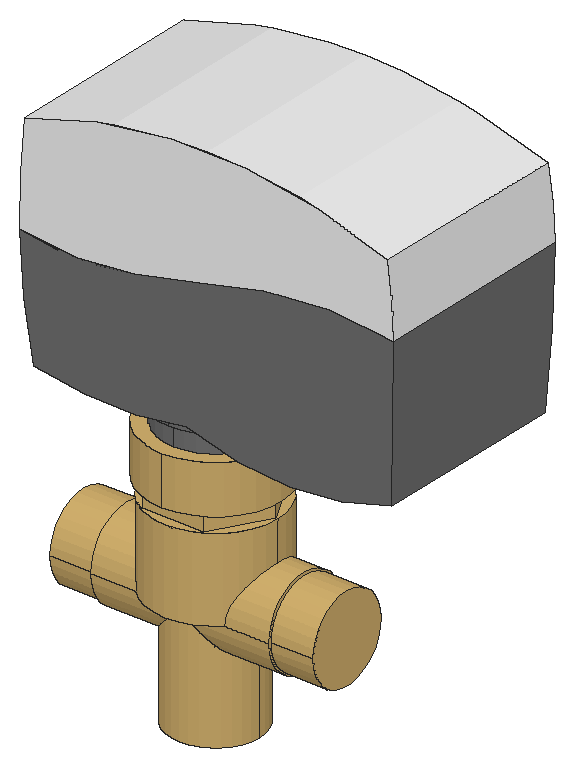
Revit family "VZL2_DN15-20_AMV(E) 130_140 (X)_RFA_1", category Pipe Accessories, Revit 2019
Family settings
  Round Connector Dimension = Use Diameter
  Part Type = Valve - Breaks Into
  OmniClass Number = 23.65.55.14.17
  OmniClass Title = Adjusting/Controlling Valves for Liquid Services
  Work Plane-Based = No
  Always vertical = Yes
  Cut with Voids When Loaded = No
  Shared = No
Parameters (values of type "VZL2_DN15_Kvs0.25_Conex_065Z2040")
  Weight = 0.27 kg
  W = 49.9 mm  # constant formula
  Voltage = if(or(Actuator Type = [082H0050], Actuator Type = [082H8037], Actuator Type = [082H8039]), 230 V, 24 V)  # 24 V
  Valve Body Material = Danfoss Brass
  URL = "https://store.danfoss.com/en/Climate-Solutions-for-heating/Motorised-Control-Valves-/Globe-Valves/Valves-for-Terminal-%26-Zone/c/4107?q=%3Arelevance%3Adanfoss_producttypehierarchydesc%3Ad7ef0524255d948ed2878fe07668dc73a8b489e8&page=0&pageSize=20"
  Stroke = "2.8 mm"  # constant formula
  R3 = 15.5 mm
  R2 = 11 mm
  R1 = 10.5 mm
  Pressure Drop [instance] = 0.0 bar
  Power = if(or(Actuator Type = [082H8044], Actuator Type = [082H8045]), 1.3 VA, if(or(Actuator Type = [082H8065]), 1.5 VA, if(or(Actuator Type = [082H0050], Actuator Type = [082H8037], Actuator Type = [082H8039]), 8 VA, 1 VA)))  # 1.3 VA
  Nominal Pressure = "PN 16"  # constant formula
  Model Type = "VZL2_DN15_Kvs0.25_Conex"
  Model = "065Z2040"
  Min Medium Temperature = "2°C"  # constant formula
  Max Operating Pressure = "16 bar"  # constant formula
  Max Medium Temperature = "120°C"  # constant formula
  Max Differential Pressure = "2.5 bar"
  Manufacturer = "Danfoss"  # constant formula
  LOD 350 = not(LOD 200)  # yes
  LOD 200 = no
  L1 = 10.5 mm
  L = 65 mm
  Kvs = 0.25 m³/h
  IfcExportType = "VZL2"  # constant formula
  IfcExportAs = "IfcValveType"  # constant formula
  Ha [instance] = 113.2 mm
  H2 = 29.5 mm
  H1 = 20.5 mm
  H [instance] = 142.7 mm
  Flow [instance] = 0.0 m³/h
  Description = "Motorized Control Valve"  # constant formula
  D1 = R2 * 2  # 22 mm
  D = 15 mm
  Connection = "External Thread"  # constant formula
  Actuator Type = AMV(E) 130_140 (X)_RFA : AME 130_24V_1.5m_082H8044
  082H8065 = AMV(E) 130_140 (X)_RFA : AME 140 X_24V_1.5m_082H8065
  082H8045 = AMV(E) 130_140 (X)_RFA : AME 140_24V_1.5m_082H8045
  082H8044 = AMV(E) 130_140 (X)_RFA : AME 130_24V_1.5m_082H8044
  082H8039 = AMV(E) 130_140 (X)_RFA : AMV 140_230V_1.5m_082H8039
  082H8037 = AMV(E) 130_140 (X)_RFA : AMV 130_230V_1.5m_082H8037
  082H0050 = AMV(E) 130_140 (X)_RFA : AMV 130_230V_0.5m_IP_082H0050
Types (15, lengths in mm): name | Weight | R3 | R2 | R1 | Model Type | Model | Max Differential Pressure | L1 | L | Kvs | H2 | H1 | D1 | D
  (no name) | 0.27 kg | 15.5 | 11 | 10.5 | "VZL2_DN15_Kvs0.25_Conex" | "065Z2040" | "2.5 bar" | 10.5 | 65 | 0.25 m³/h | 29.5 | 20.5 | 22 | 15
  VZL2_DN15_Kvs0.25_Flat End_065Z2070 | 0.27 kg | 15.5 | 11 | 10.5 | "VZL2_DN15_Kvs0.25_Flat End" | "065Z2070" | "2.5 bar" | 10.5 | 65 | 0.25 m³/h | 29.5 | 20.5 | 22 | 15
  VZL2_DN20_Kvs2.5_Flat End_065Z2075 | 0.47 kg | 18.5 | 15.5 | 14.3 | "VZL2_DN20_Kvs2.5_Flat End" | "065Z2075" | "1.0 bar" | 11.5 | 77 | 2.5 m³/h | 34 | 26.5 | 31 | 20
  VZL2_DN15_Kvs0.4_Flat End_065Z2071 | 0.27 kg | 15.5 | 11 | 10.5 | "VZL2_DN15_Kvs0.4_Flat End" | "065Z2071" | "2.5 bar" | 10.5 | 65 | 0.4 m³/h | 29.5 | 20.5 | 22 | 15
  VZL2_DN15_Kvs0.63_Flat End_065Z2072 | 0.27 kg | 15.5 | 11 | 10.5 | "VZL2_DN15_Kvs0.63_Flat End" | "065Z2072" | "2.5 bar" | 10.5 | 65 | 0.63 m³/h | 29.5 | 20.5 | 22 | 15
  VZL2_DN15_Kvs1.0_Flat End_065Z2073 | 0.27 kg | 15.5 | 11 | 10.5 | "VZL2_DN15_Kvs1.0_Flat End" | "065Z2073" | "2.0 bar" | 10.5 | 65 | 1.0 m³/h | 29.5 | 20.5 | 22 | 15
  VZL2_DN15_Kvs1.6_Flat End_065Z2074 | 0.27 kg | 15.5 | 11 | 10.5 | "VZL2_DN15_Kvs1.6_Flat End" | "065Z2074" | "2.0 bar" | 10.5 | 65 | 1.6 m³/h | 29.5 | 20.5 | 22 | 15
  VZL2_DN20_Kvs3.5_Flat End_065Z2076 | 0.47 kg | 18.5 | 15.5 | 14.3 | "VZL2_DN20_Kvs3.5_Flat End" | "065Z2076" | "1.0 bar" | 11.5 | 77 | 3.5 m³/h | 34 | 26.5 | 31 | 20
  VZL2_DN15_Kvs0.25_Conex_065Z2040 | 0.27 kg | 15.5 | 11 | 10.5 | "VZL2_DN15_Kvs0.25_Conex" | "065Z2040" | "2.5 bar" | 10.5 | 65 | 0.25 m³/h | 29.5 | 20.5 | 22 | 15
  VZL2_DN15_Kvs0.4_Conex_065Z2041 | 0.27 kg | 15.5 | 11 | 10.5 | "VZL2_DN15_Kvs0.4_Conex" | "065Z2041" | "2.5 bar" | 10.5 | 65 | 0.4 m³/h | 29.5 | 20.5 | 22 | 15
  VZL2_DN15_Kvs0.63_Conex_065Z2042 | 0.27 kg | 15.5 | 11 | 10.5 | "VZL2_DN15_Kvs0.63_Conex" | "065Z2042" | "2.5 bar" | 10.5 | 65 | 0.63 m³/h | 29.5 | 20.5 | 22 | 15
  VZL2_DN15_Kvs1.0_Conex_065Z2043 | 0.27 kg | 15.5 | 11 | 10.5 | "VZL2_DN15_Kvs1.0_Conex" | "065Z2043" | "2.0 bar" | 10.5 | 65 | 1.0 m³/h | 29.5 | 20.5 | 22 | 15
  VZL2_DN15_Kvs1.6_Conex_065Z2044 | 0.27 kg | 15.5 | 11 | 10.5 | "VZL2_DN15_Kvs1.6_Conex" | "065Z2044" | "2.0 bar" | 10.5 | 65 | 1.6 m³/h | 29.5 | 20.5 | 22 | 15
  VZL2_DN20_Kvs2.5_Conex_065Z2045 | 0.47 kg | 18.5 | 15.5 | 14.3 | "VZL2_DN20_Kvs2.5_Conex" | "065Z2045" | "1.0 bar" | 11.5 | 77 | 2.5 m³/h | 34 | 26.5 | 31 | 20
  VZL2_DN20_Kvs3.5_Conex_065Z2046 | 0.47 kg | 18.5 | 15.5 | 14.3 | "VZL2_DN20_Kvs3.5_Conex" | "065Z2046" | "1.0 bar" | 11.5 | 77 | 3.5 m³/h | 34 | 26.5 | 31 | 20
Reference planes
  plane 1 "Center (Front/Back)": y = 0
  plane 2: z = 0
  plane 3 "Center (Left/Right)": x = 0
  plane 4: z = -29.5
  plane 5: x = -32.5
  plane 6: x = 32.5
  plane 7: x = -22
  plane 8: x = 22
  plane 9: z = 20.5
  plane 10: z = 30.4
  plane 11: y = -24.95
  plane 12: y = 24.95
Forms (mm)
  Extrusion 1, solid, material "Danfoss Brass" <- "Valve Body Material", visible <- "LOD 350", detail levels fine
    sketch origin (0, 0, 0) x (0, 1, 0) y (0, 0, 1)
      loop
        circle (0, 0) r 10.5
    from 22 to 32.5
  Extrusion 2, solid, material "Danfoss Brass" <- "Valve Body Material", visible <- "LOD 350", detail levels fine
    sketch origin (0, 0, 0) x (0, 1, 0) y (0, 0, 1)
      loop
        circle (0, 0) r 10.5
    from -32.5 to -22
  Extrusion 3, solid, material "Danfoss Brass" <- "Valve Body Material", visible <- "LOD 350", detail levels fine
    sketch origin (0, 0, 0) x (0, 1, 0) y (0, 0, 1)
      loop
        circle (0, 0) r 11
    from -22 to 22
  Extrusion 4, solid, material "Danfoss Brass" <- "Valve Body Material", visible <- "LOD 350", detail levels fine
    sketch origin (0, 0, 0) x (1, 0, 0) y (0, 1, 0)
      loop
        circle (0, 0) r 11
    from -29.5 to 0
  Extrusion 5, solid, material "Danfoss Brass" <- "Valve Body Material", visible <- "LOD 350", detail levels fine
    sketch origin (0, 0, 0) x (1, 0, 0) y (0, 1, 0)
      loop
        circle (0, 0) r 15.5
    from 0 to 20.5
  Extrusion 6, solid, material "Danfoss Brass" <- "Valve Body Material", visible <- "LOD 350", detail levels fine
    sketch origin (0, 0, 0) x (1, 0, 0) y (0, 1, 0)
      loop
        line (-7.506, 13) -> (-15.011, 0) -> (-7.506, -13) -> (7.506, -13) -> (15.011, 0) -> (7.506, 13) -> (-7.506, 13)
    from 20.5 to 30.4
  Extrusion 7, solid, material "Danfoss Brass" <- "Valve Body Material", visible <- "LOD 200", detail levels fine
    sketch origin (0, 0, 0) x (0, 1, 0) y (0, 0, 1)
      loop
        circle (0, 0) r 11
    from -32.5 to 32.5
  Extrusion 8, solid, material "Danfoss Brass" <- "Valve Body Material", visible <- "LOD 200", detail levels fine
    sketch origin (0, 0, 0) x (1, 0, 0) y (0, 1, 0)
      loop
        circle (0, 0) r 15.5
    from -29.5 to 30.4
Dimensions and locks
  "H2": level to plane 4
  "H1": plane 9 to level
  "L": plane 6 to plane 5
  "L1": plane 7 to plane 5
  "L1": plane 6 to plane 8
  equal spacing: plane 6, plane 3 "Center (Left/Right)", plane 5
  locked: plane 10 to plane 9 at 9.9
  equal spacing: plane 11, plane 1 "Center (Front/Back)", plane 12
  "W": plane 11 to plane 12
  locked: plane 10 to nested 2 at 5.6
  "Ha": nested 2 to plane 2
  "H": nested 2 to plane 4
  "R1": radius of Extrusion 1 sketch curve
  "R1": radius of Extrusion 2 sketch curve
  "R2": radius of Extrusion 3 sketch curve
  "R2": radius of Extrusion 4 sketch curve
  "R3": radius of Extrusion 5 sketch curve
  "R2": radius of Extrusion 7 sketch curve
  "R3": radius of Extrusion 8 sketch curve
  aligned and locked: level to plane 2
  aligned and locked: plane 1 "Center (Front/Back)" to Extrusion 1 sketch curve
  aligned and locked: level to Extrusion 1 sketch curve
  aligned and locked: plane 6 to Extrusion 1
  aligned and locked: Extrusion 1 to plane 8
  aligned and locked: plane 1 "Center (Front/Back)" to Extrusion 2 sketch curve
  aligned and locked: level to Extrusion 2 sketch curve
  aligned and locked: Extrusion 2 to plane 5
  aligned and locked: plane 7 to Extrusion 2
  aligned and locked: plane 1 "Center (Front/Back)" to Extrusion 3 sketch curve
  aligned and locked: level to Extrusion 3 sketch curve
  aligned and locked: Extrusion 3 to plane 7
  aligned and locked: plane 8 to Extrusion 3
  aligned and locked: plane 3 "Center (Left/Right)" to Extrusion 4 sketch curve
  aligned and locked: plane 1 "Center (Front/Back)" to Extrusion 4 sketch curve
  aligned and locked: Extrusion 4 to plane 4
  aligned and locked: level to Extrusion 4
  aligned and locked: plane 3 "Center (Left/Right)" to Extrusion 5 sketch curve
  aligned and locked: plane 1 "Center (Front/Back)" to Extrusion 5 sketch curve
  aligned and locked: plane 9 to Extrusion 5
  aligned and locked: Extrusion 6 to plane 9
  aligned and locked: plane 10 to Extrusion 6
  aligned and locked: plane 1 "Center (Front/Back)" to Extrusion 7 sketch curve
  aligned and locked: level to Extrusion 7 sketch curve
  aligned and locked: Extrusion 7 to plane 5
  aligned and locked: plane 6 to Extrusion 7
  aligned and locked: plane 3 "Center (Left/Right)" to Extrusion 8 sketch curve
  aligned and locked: plane 1 "Center (Front/Back)" to Extrusion 8 sketch curve
  aligned and locked: Extrusion 8 to plane 4
  aligned and locked: plane 10 to Extrusion 8
  aligned and locked: plane 3 "Center (Left/Right)" to nested 1
  aligned and locked: plane 1 "Center (Front/Back)" to nested 1
  aligned and locked: plane 3 "Center (Left/Right)" to nested 2
  aligned and locked: nested 2 to plane 1 "Center (Front/Back)"
Nested families
  nested 1: "Schematic_2-Way Valve" at (0, 0, 0), type "Schematic_2-Way Valve", detail levels coarse+medium
  nested 2: "AMV(E) 130_140 (X)_RFA" at (0, 0, 24.8) x (0, 1, 0) z (0, 0, 1), LOD 200 <- "LOD 200", Voltage <- "Voltage", Power <- "Power", type <- "Actuator Type", type "AME 130_24V_1.5m_082H8044", detail levels fine
    with Voltage 24 V, Power 1.3 VA, LOD 350 yes, LOD 200 no
Connectors
  piping at (32.5, 0, 0), diameter 15, driven by "D", driven by "Flow"
    settings: on Extrusion 1, index 1, connector inside diameter 609.6 mm, connector length 0 mm, flow factor 0, pipe flow 0.0 m³/h, pressure drop 0.0 bar, fitting loss kfactor 0, connector angle 0.00°, fixture units 0, engagement length 0 mm, angle of deflection 0.00°, flow configuration 0, flow direction 2, fitting loss method 0, system type 29, joint type 0, gender type 0, connector reference index 2, connector utility 0, adjustable connector no, is connector primary no, connector description ""
  piping at (-32.5, 0, 0), diameter 15, driven by "D", driven by "Flow"
    settings: on Extrusion 2, index 2, connector inside diameter 609.6 mm, connector length 0 mm, flow factor 0, pipe flow 0.0 m³/h, pressure drop 0.0 bar, fitting loss kfactor 0, connector angle 0.00°, fixture units 0, engagement length 0 mm, angle of deflection 0.00°, flow configuration 0, flow direction 1, fitting loss method 0, system type 29, joint type 0, gender type 0, connector reference index 1, connector utility 0, adjustable connector no, is connector primary yes, connector description ""
  electrical at (0, 0, 0), driven by "Voltage", driven by "Power"
    settings: index 7, voltage 24 V, apparent load 0 VA, apparent load phase1 1.3 VA, apparent load phase2 0 VA, apparent load phase3 0 VA, power factor 0.95, load classification "HVAC", number of poles 1, system type 31, power factor state 1, is connector primary yes, connector utility no, sub classification motor no, connector description ""
Definition of nested family "AMV(E) 130_140 (X)_RFA"
  Parameters (values of type "AME 130_24V_1.5m_082H8044")
    Weight = 0.30 kg  # constant formula
    W3 = 28.8 mm
    W2 = 26 mm
    W1 = 33 mm
    W [instance] = 50 mm
    Voltage [instance] = 24 V
    URL = "https://store.danfoss.com/en/Climate-Solutions-for-heating/Motorised-Control-Valves/Actuators-for-Globe-Valves/Actuators-Without-Safety-Function/c/4109?q=%3Arelevance%3Adanfoss_producttypehierarchydesc%3AAME+130%3Adanfoss_producttypehierarchydesc%3AAME+140%3Adanfoss_producttypehierarchydesc%3AAMV+130%3Adanfoss_producttypehierarchydesc%3AAMV+140%3Adanfoss_producttypehierarchydesc%3AAME+140+X&text="
    Type Comments = ""
    Speed = "24 s/mm"
    Safety Function = "No"  # constant formula
    Power Supply = "24 V"
    Power Consumption = "1.3 W"
    Power [instance] = 1.3 VA
    Output Signal = "NA"
    Model Type = "AME 130_24V_1.5m"
    Model = "082H8044"
    Min Ambient Temperature = "0 °C"  # constant formula
    Max Stroke = 5.5 mm  # constant formula
    Max Medium Temperature = "130 °C"  # constant formula
    Max Ambient Temperature = "55 °C"  # constant formula
    Manufacturer = "Danfoss"  # constant formula
    LOD 350 [instance] = not(LOD 200)  # yes
    LOD 200 [instance] = no
    L1 = 28.4 mm
    L [instance] = 92.4 mm
    IfcExportType = "AME 130"
    IfcExportAs = "IfcActuatorType"  # constant formula
    H1 = 12 mm
    H [instance] = 88.4 mm
    Description = "Gear Actuator"  # constant formula
    Control Input Signal = "0-10 V / 0-20 mA"
    Closing Force = "200 N"  # constant formula
    Cable Length = 1500 mm
    Body Material = none
  Types (12, lengths in mm): name | Voltage | Speed | Power Supply | Power Consumption | Power | Output Signal | Model Type | Model | IfcExportType | Control Input Signal | Cable Length
    AME 130_24V_1.5m_082H8044 | 24 V | "24 s/mm" | "24 V" | "1.3 W" | 1.3 VA | "NA" | "AME 130_24V_1.5m" | "082H8044" | "AME 130" | "0-10 V / 0-20 mA" | 1500
    AME 140_24V_1.5m_082H8045 | 24 V | "12 s/mm" | "24 V" | "1.3 W" | 1.3 VA | "NA" | "AME 140_24V_1.5m" | "082H8045" | "AME 140" | "0-10 V / 0-20 mA" | 1500
    AMV 130_230V_0.5m_IP_082H0050 | 230 V | "24 s/mm" | "230 V" | "8 W" | 8 VA | "NA" | "AMV 130_230V_0.5m_IP" | "082H0050" | "AMV 130" | "3-point" | 500
    AMV 130_24V_1.5m_082H8036 | 24 V | "24 s/mm" | "24 V" | "1 W" | 1 VA | "NA" | "AMV 130_24V_1.5m" | "082H8036" | "AMV 130" | "3-point" | 1500
    AMV 130_230V_1.5m_082H8037 | 230 V | "24 s/mm" | "230 V" | "8 W" | 8 VA | "NA" | "AMV 130_230V_1.5m" | "082H8037" | "AMV 130" | "3-point" | 1500
    AMV 130_24V_5m_082H8068 | 24 V | "24 s/mm" | "24 V" | "1 W" | 1 VA | "NA" | "AMV 130_24V_5m" | "082H8068" | "AMV 130" | "3-point" | 5000
    AMV 130_24V_10m_082H8070 | 24 V | "24 s/mm" | "24 V" | "1 W" | 1 VA | "NA" | "AMV 130_24V_10m" | "082H8070" | "AMV 130" | "3-point" | 10000
    AMV 140_24V_1.5m_082H8038 | 24 V | "12 s/mm" | "24 V" | "1 W" | 1 VA | "NA" | "AMV 140_24V_1.5m" | "082H8038" | "AMV 140" | "3-point" | 1500
    AMV 140_230V_1.5m_082H8039 | 230 V | "12 s/mm" | "230 V" | "8 W" | 8 VA | "NA" | "AMV 140_230V_1.5m" | "082H8039" | "AMV 140" | "3-point" | 1500
    AMV 140_24V_5m_082H8069 | 24 V | "12 s/mm" | "24 V" | "1 W" | 1 VA | "NA" | "AMV 140_24V_5m" | "082H8069" | "AMV 140" | "3-point" | 5000
    AMV 140_24V_10m_082H8071 | 24 V | "12 s/mm" | "24 V" | "1 W" | 1 VA | "NA" | "AMV 140_24V_10m" | "082H8071" | "AMV 140" | "3-point" | 10000
    AME 140 X_24V_1.5m_082H8065 | 24 V | "12 s/mm" | "24 V" | "1.5 W" | 1.5 VA | "0-10 V" | "AME 140 X_24V_1.5m" | "082H8065" | "AME 140 X" | "0-10 V / 0-20 mA" | 1500
  Reference planes
    plane 1 "Center (Front/Back)": y = 0
    plane 2: z = 0
    plane 3 "Center (Left/Right)": x = 0
    plane 4: z = 12
    plane 5: y = -64
    plane 6: y = 28.4
    plane 7: z = 88.4
    plane 8: x = 25
    plane 9: x = -25
    plane 10: x = -16.5
    plane 11: x = 16.5
    plane 12: z = 32
    plane 13: x = -13
    plane 14: x = 13
    plane 15: x = -14.4
    plane 16: x = 14.4
    plane 17 "Plane Bottom": z = 17.2
    plane 18: y = 25.9
    plane 19: y = 27.4
    plane 20: z = 80.4
    plane 21: y = -62.5
    plane 22: z = 23.2
    plane 23: z = 25.4
    plane 24: z = 55.5
    plane 25: z = 63
    plane 26: z = 64.5
    plane 27: z = 54
    plane 28: z = 20.7
    plane 29: y = -26
    plane 30: y = -38.5
    plane 31: z = 86.9
    plane 32: x = -24.5
    plane 33: x = 24.5
    plane 34: x = -23.5
    plane 35: x = 23.5
    plane 36: x = -27
    plane 37: x = 27
    plane 38: y = 27.9
    plane 39: x = -22.5
    plane 40: y = -63.5
    plane 41: x = 22.5
  Forms (mm)
    Extrusion 1, solid, detail levels fine
      sketch origin (0, 0, 0) x (1, 0, 0) y (0, 1, 0)
        loop
          circle (0, 0) r 16.5
      from 0 to 12
    Revolve 2, solid, visible <- "LOD 350", detail levels fine
      sketch origin (0, 0, 0) x (1, 0, 0) y (0, 0, 1)
        loop
          line (-14.4, 17.2) -> (-13, 17.2) -> (-13, 12) -> (0, 12) -> (0, 32) -> (-14.4, 32) -> (-14.4, 17.2)
        axis (0, 32) -> (0, 12)
      angle from 0 to 360
    Extrusion 3, solid, visible <- "LOD 350", detail levels fine
      sketch origin (0, 0, 0) x (0, 1, 0) y (0, 0, 1)
        loop
          arc (-64, 63) -> (-63.628, 44.185) -> (-62.5, 25.4) r 467.805
          arc (-62.5, 25.4) -> (-37.155, 20.685) -> (-11.757, 25.101) r 72.777
          arc (-11.757, 25.101) -> (7.088, 23.201) -> (25.9, 25.4) r 87.494
          arc (25.9, 25.4) -> (27.789, 40.397) -> (28.4, 55.5) r 178.069
          arc (28.4, 55.5) -> (14.2, 54) -> (0, 55.5) r 67.953
          arc (0, 55.5) -> (-16.037, 59.092) -> (-31.999, 63) r 834.074
          arc (-31.999, 63) -> (-48, 64.5) -> (-64, 63) r 86.072
      from -27 to 27
    Extrusion 4, solid, material <- "Body Material", visible <- "LOD 350", detail levels fine
      sketch origin (0, 0, 0) x (0, 1, 0) y (0, 0, 1)
        loop
          arc (-62.5, 80.4) -> (-63.467, 71.719) -> (-64, 63) r 175.37
          arc (-64, 63) -> (-48, 64.5) -> (-31.999, 63) r 86.072
          arc (-31.999, 63) -> (-16.037, 59.092) -> (0, 55.5) r 834.074
          arc (0, 55.5) -> (14.2, 54) -> (28.4, 55.5) r 67.953
          arc (28.4, 55.5) -> (28.204, 67.962) -> (27.4, 80.4) r 255.314
          arc (27.4, 80.4) -> (-17.55, 88.505) -> (-62.5, 80.4) r 128.693
      from -27 to 27
    Extrusion 5, solid, visible <- "LOD 350", detail levels fine
      sketch origin (0, 0, 17.2) x (-1, 0, 0) y (0, -1, 0)
        loop
          line (-2.173, 26) -> (-2.173, 38.5) -> (-9.373, 38.5) -> (-9.373, 26) -> (-2.173, 26)
      from 0 to 8.2
    Extrusion 6, void
      sketch origin (0, 0, 0) x (1, 0, 0) y (0, 0, 1)
        loop
          line (-24.358, 89.4) -> (24.197, 89.4)
          arc (24.197, 89.4) -> (24.826, 53.28) -> (23.013, 17.2) r 534.228
          line (23.013, 17.2) -> (29.5, 17.2) -> (29.5, 93.4) -> (-30, 93.4) -> (-30, 17.2) -> (-23.022, 17.2)
          arc (-23.022, 17.2) -> (-24.911, 53.277) -> (-24.358, 89.4) r 534.166
      from -39.301 to 75.38
    Revolve 7, solid, visible <- "LOD 200", detail levels fine
      sketch origin (0, 0, 0) x (1, 0, 0) y (0, 0, 1)
        loop
          line (-13, 12) -> (0, 12) -> (0, 32) -> (-13, 32) -> (-13, 12)
        axis (0, 12) -> (0, 32)
      angle from 0 to 360
    Blend 8, solid, visible <- "LOD 200", detail levels fine
      base sketch origin (0, 0, 0) x (1, 0, 0) y (0, 1, 0)
        loop
          line (-23.667, -62.5) -> (23.5, -62.5) -> (23.5, 25.9) -> (-23.667, 25.9) -> (-23.667, -62.5)
      top sketch origin (0, 0, 0) x (1, 0, 0) y (0, 1, 0)
        loop
          line (-24.948, 28.4) -> (-24.948, -64) -> (24.898, -64) -> (24.898, 28.4) -> (-24.948, 28.4)
      from 25.4 to 63
    Blend 9, solid, material <- "Body Material", visible <- "LOD 200", detail levels fine
      base sketch origin (0, 0, 0) x (1, 0, 0) y (0, 1, 0)
        loop
          line (-24.948, 28.4) -> (-24.948, -64) -> (24.898, -64) -> (24.898, 28.4) -> (-24.948, 28.4)
      top sketch origin (0, 0, 0) x (1, 0, 0) y (0, 1, 0)
        loop
          line (-24.724, 27.4) -> (-24.724, -62.5) -> (24.582, -62.5) -> (24.582, 27.4) -> (-24.724, 27.4)
      from 63 to 88.4
  Cuts and joins
    Extrusion 6 cuts Extrusion 3
    Extrusion 6 cuts Extrusion 4
  Dimensions and locks
    plane 5 to plane 6 = 92.4 mm
    equal spacing: plane 8, plane 3 "Center (Left/Right)", plane 9
    "W": plane 8 to plane 9
    plane 7 to level = 88.4 mm
    "H1": plane 4 to level
    equal spacing: plane 11, plane 3 "Center (Left/Right)", plane 10
    "W1": plane 11 to plane 10
    equal spacing: plane 14, plane 3 "Center (Left/Right)", plane 13
    "W2": plane 14 to plane 13
    equal spacing: plane 16, plane 3 "Center (Left/Right)", plane 15
    "W3": plane 16 to plane 15
    "L1": plane 1 "Center (Front/Back)" to plane 6
    plane 12 to level = 32 mm
    plane 17 "Plane Bottom" to plane 4 = 5.2 mm
    plane 17 "Plane Bottom" to level = 17.2 mm
    Extrusion 5 sketch curve to Extrusion 5 sketch curve = 7.2 mm
    plane 37 to plane 3 "Center (Left/Right)" to plane 36 = 27 mm, 27 mm
    "L": plane 6 to plane 5
    "H": plane 7 to level
    diameter of Extrusion 1 sketch curve = 33 mm
    aligned and locked: level to plane 2
    aligned and locked: plane 4 to Extrusion 1
    aligned and locked: plane 15 to Revolve 2 sketch curve
    aligned and locked: Revolve 2 sketch curve to plane 12
    aligned and locked: Revolve 2 sketch curve to plane 17 "Plane Bottom"
    aligned and locked: Revolve 2 sketch curve to plane 13
    aligned and locked: Revolve 2 sketch curve to plane 4
    aligned and locked: plane 3 "Center (Left/Right)" to Revolve 2 sketch curve
    aligned and locked: Revolve 2 sketch curve to Revolve 2 sketch curve
    aligned and locked: Extrusion 5 sketch curve to plane 30
    aligned and locked: plane 29 to Extrusion 5 sketch curve
    aligned and locked: plane 23 to Extrusion 5
    aligned and locked: Extrusion 4 to plane 36
    aligned and locked: plane 37 to Extrusion 4
    aligned and locked: Extrusion 6 sketch curve to plane 17 "Plane Bottom"
    aligned and locked: Revolve 7 sketch curve to plane 4
    aligned and locked: Revolve 7 sketch curve to plane 13
    aligned and locked: Revolve 7 sketch curve to plane 3 "Center (Left/Right)"
    aligned and locked: Revolve 7 sketch curve to plane 12
    aligned and locked: Revolve 7 sketch curve to Revolve 7 sketch curve  (x2)
    aligned and locked: Blend 8 sketch curve to cut or joined group of Extrusion 3, Extrusion 6  (x4)
    aligned and locked: Blend 8 sketch curve to plane 18
    aligned and locked: Blend 8 sketch curve to plane 35
    aligned and locked: Blend 8 to plane 23
    aligned and locked: plane 25 to Blend 8
    aligned and locked: Blend 9 sketch curve to Blend 8  (x4)
    aligned and locked: Blend 9 sketch curve to cut or joined group of Extrusion 4, Extrusion 6  (x4)
    aligned and locked: Blend 9 to plane 25
    aligned and locked: plane 7 to Blend 9
  Automatic sketch dimensions
    plane 1 "Center (Front/Back)" to Extrusion 1 sketch curve = 0 mm
    Extrusion 1 sketch curve to plane 3 "Center (Left/Right)" = 0 mm
    Revolve 2 sketch curve to plane 4 = 0 mm
    Revolve 2 sketch curve to plane 12 = 0 mm
    Extrusion 3 sketch curve to plane 5 = 0 mm
    Extrusion 3 sketch curve to plane 21 = 0 mm
    Extrusion 3 sketch curve to plane 25 = 0 mm  (x2)
    Extrusion 3 sketch curve to plane 1 "Center (Front/Back)" = 0 mm  (x2)
    Extrusion 3 sketch curve to plane 18 = 0 mm
    Extrusion 3 sketch curve to plane 6 = 0 mm
    Extrusion 3 sketch curve to plane 23 = 0 mm  (x2)
    Extrusion 3 sketch curve to plane 24 = 0 mm  (x2)
    Extrusion 3 sketch curve to plane 24 = 0.364 mm
    Extrusion 3 sketch curve to plane 21 = 14.5 mm
    plane 7 to Extrusion 3 sketch curve = 5.06 mm
    Extrusion 3 sketch curve to plane 21 = 25.773 mm
    Extrusion 3 sketch curve to plane 1 "Center (Front/Back)" = 6.393 mm
    Extrusion 3 sketch curve to plane 6 = 145.895 mm
    Extrusion 3 sketch curve to plane 25 = 0.167 mm
    Extrusion 3 sketch curve to level = 21.572 mm
    Extrusion 3 sketch curve to Extrusion 3 sketch curve = 11.261 mm
    Extrusion 4 sketch curve to plane 5 = 0 mm
    Extrusion 4 sketch curve to plane 20 = 0 mm  (x2)
    Extrusion 4 sketch curve to plane 21 = 0 mm
    Extrusion 4 sketch curve to plane 19 = 0 mm
    Extrusion 4 sketch curve to plane 6 = 0 mm
    Extrusion 4 sketch curve to plane 24 = 0 mm  (x2)
    Extrusion 4 sketch curve to plane 25 = 0 mm  (x2)
    plane 24 to Extrusion 4 sketch curve = 2.217 mm
    plane 24 to Extrusion 4 sketch curve = 1.156 mm
    Extrusion 4 sketch curve to level = 40.188 mm
    Extrusion 4 sketch curve to plane 21 = 14.5 mm
    Extrusion 4 sketch curve to level = 21.572 mm
    Extrusion 4 sketch curve to plane 1 "Center (Front/Back)" = 0 mm  (x2)
    Extrusion 4 sketch curve to plane 6 = 145.895 mm
    plane 3 "Center (Left/Right)" to Extrusion 5 sketch curve = 2.173 mm
    plane 34 to Extrusion 6 sketch curve = 0.478 mm
    plane 35 to Extrusion 6 sketch curve = 0.487 mm
    Extrusion 6 sketch curve to plane 33 = 0.303 mm
    Extrusion 6 sketch curve to plane 25 = 0.963 mm
    plane 25 to Extrusion 6 sketch curve = 0.156 mm
    Extrusion 6 sketch curve to plane 28 = 3.5 mm
    plane 7 to Extrusion 6 sketch curve = 5 mm
    plane 8 to Extrusion 6 sketch curve = 4.5 mm
    Extrusion 6 sketch curve to plane 36 = 3 mm
    plane 32 to Extrusion 6 sketch curve = 0.142 mm
    plane 7 to Extrusion 6 sketch curve = 1 mm
    Revolve 7 sketch curve to plane 12 = 0 mm
    Blend 8 sketch curve to plane 5 = 0 mm
    Blend 8 sketch curve to plane 8 = 0.102 mm
Definition of nested family "Schematic_2-Way Valve"
  Parameters (values of type "Schematic_2-Way Valve")
    L_1 = L / 2  # 32.5 mm
    L = 65 mm
    H = L  # 65 mm
    D1 = 22 mm
  Reference planes
    plane 1 "Center (Front/Back)": y = 0
    plane 2: z = 0
    plane 3 "Center (Left/Right)": x = 0
    plane 4: z = 11
    plane 5: z = -11
    plane 6: x = -32.5
    plane 7: x = 32.5
    plane 8: x = 11
    plane 9: x = -11
    plane 10: y = 11
    plane 11: y = -11
    plane 12: z = 65
    plane 13: z = 32.5
    plane 14: x = 16.25
    plane 15: x = -16.25
    plane 16: y = 65
    plane 17: y = 32.5
  Lines and regions (mm)
    model lines
      curve 1: line (0, 0, 0) -> (32.5, 0, 11)
      curve 2: line (32.5, 0, 11) -> (32.5, 0, -11)
      curve 3: line (32.5, 0, -11) -> (0, 0, 0)
      curve 4: line (0, 0, 0) -> (-32.5, 0, 11)
      curve 5: line (-32.5, 0, 11) -> (-32.5, 0, -11)
      curve 6: line (-32.5, 0, -11) -> (0, 0, 0)
      curve 13: line (0, 0, 32.5) -> (0, 0, 0)
      curve 14: line (-16.25, 0, 65) -> (16.25, 0, 65)
      curve 15: line (-16.25, 0, 32.5) -> (-16.25, 0, 65)
      curve 16: line (16.25, 0, 32.5) -> (-16.25, 0, 32.5)
      curve 17: line (16.25, 0, 65) -> (16.25, 0, 32.5)
    symbolic lines
      curve 7: line (0, 0, 0) -> (32.5, 11, 0)
      curve 8: line (32.5, 11, 0) -> (32.5, -11, 0)
      curve 9: line (32.5, -11, 0) -> (0, 0, 0)
      curve 10: line (0, 0, 0) -> (-32.5, 11, 0)
      curve 11: line (-32.5, 11, 0) -> (-32.5, -11, 0)
      curve 12: line (-32.5, -11, 0) -> (0, 0, 0)
      curve 18: line (-16.25, 65, 0) -> (16.25, 65, 0)
      curve 19: line (-16.25, 32.5, 0) -> (-16.25, 65, 0)
      curve 20: line (16.25, 32.5, 0) -> (-16.25, 32.5, 0)
      curve 21: line (16.25, 65, 0) -> (16.25, 32.5, 0)
      curve 22: line (0, 0, 0) -> (0, 32.5, 0)
  Dimensions and locks
    "D1": plane 4 to plane 5
    equal spacing: plane 4, level, plane 5
    "D1": plane 8 to plane 9
    equal spacing: plane 8, plane 3 "Center (Left/Right)", plane 9
    plane 9 to plane 8 = 22 mm
    equal spacing: plane 9, plane 3 "Center (Left/Right)", plane 8
    "D1": plane 11 to plane 10
    equal spacing: plane 11, plane 1 "Center (Front/Back)", plane 10
    "L_1": plane 12 to plane 13
    "H": plane 12 to level
    "L_1": plane 14 to plane 15
    equal spacing: plane 14, plane 3 "Center (Left/Right)", plane 15
    "H": plane 1 "Center (Front/Back)" to plane 16
    "L_1": plane 17 to plane 16
    equal spacing: plane 15, plane 3 "Center (Left/Right)", plane 14
    plane 15 to plane 14 = 32.5 mm
    equal spacing: plane 7, plane 3 "Center (Left/Right)", plane 6
    "L": plane 7 to plane 6
    aligned and locked: level to plane 2
    aligned and locked: curve 2 to plane 7
    aligned and locked: curve 5 to plane 6
    aligned and locked: level to curve 13
    aligned and locked: curve 14 to plane 12
    aligned and locked: plane 15 to curve 15
    aligned and locked: curve 17 to plane 14
    aligned and locked: plane 17 to curve 22
    aligned and locked: plane 13 to curve 13
  Automatic sketch dimensions
    curve 10 to plane 6 = 0 mm
    curve 20 to plane 15 = 0 mm
    plane 1 "Center (Front/Back)" to curve 12 = 0 mm
    curve 12 to plane 3 "Center (Left/Right)" = 0 mm
    curve 18 to plane 14 = 0 mm
    curve 9 to plane 7 = 0 mm
    plane 11 to curve 9 = 0 mm
    plane 11 to curve 12 = 0 mm
    plane 10 to curve 10 = 0 mm
    plane 10 to curve 8 = 0 mm
    plane 16 to curve 18 = 0 mm
    curve 3 to plane 3 "Center (Left/Right)" = 0 mm
    curve 3 to plane 5 = 0 mm
    curve 6 to plane 5 = 0 mm
    curve 2 to plane 4 = 0 mm
    curve 4 to plane 4 = 0 mm
